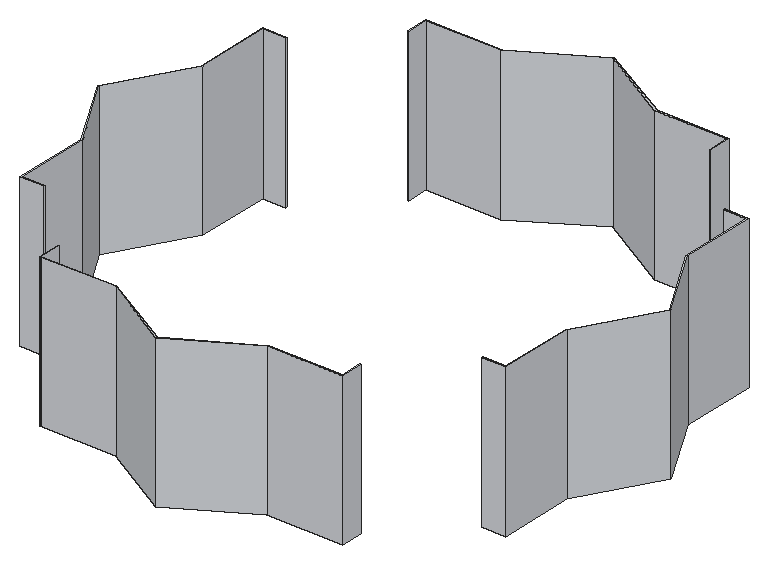
Revit family "outside_octagon", category Generic Models, Revit 2025
Family settings
  Can host rebar = No
  Round Connector Dimension = Use Diameter
  Part Type = Normal
  Work Plane-Based = No
  Always vertical = Yes
  Cut with Voids When Loaded = No
  Maintain Annotation Orientation = No
  Shared = No
  Room Calculation Point = No
Parameters
  Inner Angle = 120.075°
  Outer Angle = 150.037°
  Octagon Side Size = 0' - 7.85302"
  Nominal Diameter = 1' - 0"
  Length = 0' - 6"
  Inside Spacing = Diameter Inner / 2  # 0' - 6"
  Guage = 0' - 0.04436"
  Diameter Outer = Nominal Diameter * 1.8889  # 1' - 10.6668"
  Diameter Inner = Nominal Diameter  # 1' - 0"
  Default Elevation = 0' - 0"
Reference planes (in)
  plane 1 "Center (Front/Back)": y = 0
  plane 2: z = 0
  plane 3 "Center (Left/Right)": x = 0
  plane 4: y = 11.3334
  plane 5: y = -11.3334
  plane 6: x = -11.3334
  plane 7: x = 11.3334
  plane 8: x = -6
  plane 9: x = 6
  plane 10: y = 6
  plane 11: y = -6
  plane 12: through (0, 0, 48) normal (0.7071, 0.7071, 0)
  plane 13: y = 3
  plane 14: y = -3
  plane 15: x = -3
  plane 16: x = 3
  plane 17: y = -2
  plane 18: y = 2
  plane 19: x = -2
  plane 20: x = 2
  plane 21: through (0, 0, 48) normal (-0.7071, 0.7071, 0)
  plane 22: through (-0.09785, 4.29056, 48) normal (0.3827, 0.9239, 0)
  plane 23: through (-3.00522, -3.00522, 48) normal (0.3827, 0.9239, 0)
  plane 24: through (-3.00522, 3.00522, 48) normal (-0.3827, 0.9239, 0)
  plane 25: through (-19.89016, 11.4064, 48) normal (0.3827, 0.9239, 0)
  plane 26: through (-22.6601, -6.21849, 48) normal (-0.3827, 0.9239, 0)
  plane 27: y = -7.7778
  plane 28: y = -9.5556
  plane 29: x = -9.5556
  plane 30: x = -7.7778
  plane 31: x = 7.7778
  plane 32: x = 9.5556
  plane 33: y = 9.5556
  plane 34: y = 7.7778
  plane 35: through (2.50435, -10.29606, 48) normal (-0.3827, 0.9239, 0)
  plane 36: through (3.00522, -3.00522, 48) normal (-0.9239, 0.3827, 0)
  plane 37: through (-4.25002, 0, 48) normal (0.9239, 0.3827, 0)
  plane 38: through (3.0419, 2.91667, 48) normal (0.9239, 0.3827, 0)
  plane 39: x = -8.6667
  plane 40: x = 8.6667
  plane 41: y = 8.6667
  plane 42: y = -8.6667
Forms (in)
  Extrusion 1, solid
    sketch origin (0, 0, 0) x (1, 0, 0) y (0, 1, 0)
      loop
        line (9.60396, -3) -> (11.3334, 0) -> (9.60396, 3) -> (9.60396, 6) -> (8.6667, 6) -> (8.6667, 5.95564) -> (9.5596, 5.95564) -> (9.5596, 2.98813) -> (11.28219, 0) -> (9.5596, -2.98813) -> (9.5596, -5.95564) -> (8.6667, -5.95564) -> (8.6667, -6) -> (9.60396, -6) -> (9.60396, -3)
      loop
        line (-9.60396, -3) -> (-9.60396, -6) -> (-8.6667, -6) -> (-8.6667, -5.95564) -> (-9.5596, -5.95564) -> (-9.5596, -2.98813) -> (-11.28219, 0) -> (-9.5596, 2.98813) -> (-9.5596, 5.95564) -> (-8.6667, 5.95564) -> (-8.6667, 6) -> (-9.60396, 6) -> (-9.60396, 3) -> (-11.3334, 0) -> (-9.60396, -3)
      loop
        line (0, 11.3334) -> (-3, 9.5556) -> (-6, 9.5556) -> (-6, 8.6667) -> (-5.95564, 8.6667) -> (-5.95564, 9.51124) -> (-2.98784, 9.51124) -> (0.00043, 11.28209) -> (3.10763, 9.51124) -> (5.95564, 9.51124) -> (5.95564, 8.6667) -> (6, 8.6667) -> (6, 9.5556) -> (3.11938, 9.5556) -> (0, 11.3334)
      loop
        line (0, -11.28504) -> (3, -9.5556) -> (6, -9.5556) -> (6, -8.6667) -> (5.95564, -8.6667) -> (5.95564, -9.51108) -> (3.03301, -9.51108) -> (0.00043, -11.25186) -> (-2.98784, -9.52184) -> (-5.95564, -9.52184) -> (-5.95564, -8.6667) -> (-6, -8.6667) -> (-6, -9.5556) -> (-3, -9.5556) -> (0, -11.28504)
    from 0 to 6 <- "Length"
Lines and regions (in)
  model lines
    curve 1: circle (0, 0, 0) r 11.3334 normal (0, 0, 1)
    curve 2: circle (0, 0, 0) r 6 normal (0, 0, 1)
    curve 3: line (0, 11.3334, 0) -> (-8.01392, 8.01392, 0)
    curve 4: line (-8.01392, 8.01392, 0) -> (-11.3334, 0, 0)
    curve 5: line (-11.3334, 0, 0) -> (-8.01392, -8.01392, 0)
    curve 6: line (-8.01392, -8.01392, 0) -> (0, -11.3334, 0)
    curve 7: line (0, -11.3334, 0) -> (8.01392, -8.01392, 0)
    curve 8: line (8.01392, -8.01392, 0) -> (11.3334, 0, 0)
    curve 9: line (11.3334, 0, 0) -> (8.01392, 8.01392, 0)
    curve 10: line (8.01392, 8.01392, 0) -> (0, 11.3334, 0)
Dimensions and locks (in)
  equal spacing: plane 6, plane 3 "Center (Left/Right)", plane 7
  equal spacing: plane 5, plane 1 "Center (Front/Back)", plane 4
  "Diameter Outer": plane 4 to plane 5
  "Diameter Outer": plane 6 to plane 7
  equal spacing: plane 11, plane 1 "Center (Front/Back)", plane 10
  "Diameter Inner": plane 10 to plane 11
  equal spacing: plane 8, plane 3 "Center (Left/Right)", plane 9
  "Diameter Inner": plane 8 to plane 9
  equal spacing: plane 14, plane 1 "Center (Front/Back)", plane 13
  "Inside Spacing": plane 14 to plane 13
  equal spacing: plane 15, plane 3 "Center (Left/Right)", plane 16
  "Inside Spacing": plane 15 to plane 16
  equal spacing: plane 11, plane 17, plane 18, plane 10
  equal spacing: plane 8, plane 19, plane 20, plane 9
  "Octagon Side Size": plane 22 to plane 23
  "Guage": Extrusion 1 sketch curve to Extrusion 1 sketch curve  (x17)
  equal spacing: plane 11, plane 27, plane 28, plane 5
  equal spacing: plane 6, plane 29, plane 30, plane 8
  equal spacing: plane 9, plane 31, plane 32, plane 7
  equal spacing: plane 4, plane 33, plane 34, plane 10
  Extrusion 1 sketch curve to Extrusion 1 sketch curve = 0' - 0.04436"
  equal spacing: plane 27, plane 42, plane 28
  equal spacing: plane 29, plane 39, plane 30
  equal spacing: plane 34, plane 41, plane 33
  equal spacing: plane 31, plane 40, plane 32
  "Diameter Outer": diameter of curve 1
  "Diameter Inner": diameter of curve 2
  "Outer Angle": angle Extrusion 1 sketch curve to Extrusion 1 sketch curve  (x6)
  angle plane 35 to plane 23 = 135.00°
  angle plane 36 to plane 35 = 135.00°
  "Inner Angle": angle Extrusion 1 sketch curve to Extrusion 1 sketch curve  (x2)
  angle Extrusion 1 sketch curve to Extrusion 1 sketch curve = 119.669°
  angle Extrusion 1 sketch curve to Extrusion 1 sketch curve = 149.349°
  angle Extrusion 1 sketch curve to Extrusion 1 sketch curve = 150.32°
  aligned and locked: plane 2 to level
  aligned and locked: plane 3 "Center (Left/Right)" to curve 1
  aligned and locked: plane 1 "Center (Front/Back)" to curve 1
  aligned and locked: plane 1 "Center (Front/Back)" to Extrusion 1 sketch curve  (x2)
  aligned and locked: Extrusion 1 sketch curve to plane 11
  aligned and locked: plane 10 to Extrusion 1 sketch curve
  aligned and locked: plane 11 to Extrusion 1 sketch curve
  aligned and locked: plane 14 to Extrusion 1 sketch curve
  aligned and locked: plane 13 to Extrusion 1 sketch curve
  aligned and locked: Extrusion 1 sketch curve to plane 10
  aligned and locked: Extrusion 1 sketch curve to plane 40
  aligned and locked: plane 40 to Extrusion 1 sketch curve
  aligned and locked: Extrusion 1 sketch curve to plane 39
  aligned and locked: plane 39 to Extrusion 1 sketch curve
  aligned and locked: Extrusion 1 sketch curve to plane 8
  aligned and locked: plane 33 to Extrusion 1 sketch curve
  aligned and locked: plane 3 "Center (Left/Right)" to Extrusion 1 sketch curve  (x2)
  aligned and locked: Extrusion 1 sketch curve to plane 33
  aligned and locked: plane 9 to Extrusion 1 sketch curve
  aligned and locked: Extrusion 1 sketch curve to plane 41  (x2)
  aligned and locked: plane 8 to Extrusion 1 sketch curve
  aligned and locked: plane 28 to Extrusion 1 sketch curve
  aligned and locked: Extrusion 1 sketch curve to plane 28
  aligned and locked: Extrusion 1 sketch curve to plane 9
  aligned and locked: plane 42 to Extrusion 1 sketch curve
  aligned and locked: Extrusion 1 sketch curve to plane 42
Automatic sketch dimensions
  curve 1 to curve 2 = 0' - 0"  (x2)
  curve 3 to plane 12 = 0' - 0"
  curve 6 to plane 21 = 0' - 0"
  curve 3 to plane 3 "Center (Left/Right)" = 0' - 0"
  curve 6 to plane 3 "Center (Left/Right)" = 0' - 0"
  curve 8 to plane 12 = 0' - 0"
  curve 10 to plane 21 = 0' - 0"
  plane 1 "Center (Front/Back)" to curve 8 = 0' - 0"
  plane 1 "Center (Front/Back)" to curve 5 = 0' - 0"
  Extrusion 1 sketch curve to plane 6 = 0' - 0"
  Extrusion 1 sketch curve to plane 15 = 0' - 0"  (x2)
  Extrusion 1 sketch curve to plane 13 = 0' - 0"
  plane 14 to Extrusion 1 sketch curve = 0' - 0"
  Extrusion 1 sketch curve to plane 7 = 0' - 0"
  plane 8 to Extrusion 1 sketch curve = 0' - 0.04436"
  plane 15 to Extrusion 1 sketch curve = 0' - 0.01216"
  plane 3 "Center (Left/Right)" to Extrusion 1 sketch curve = 0' - 0.00043"
  Extrusion 1 sketch curve to plane 16 = 0' - 0.03301"
  plane 9 to Extrusion 1 sketch curve = 0' - 0.04436"
  Extrusion 1 sketch curve to Extrusion 1 sketch curve = 0' - 0.03317"
  plane 28 to Extrusion 1 sketch curve = 0' - 0.03376"
